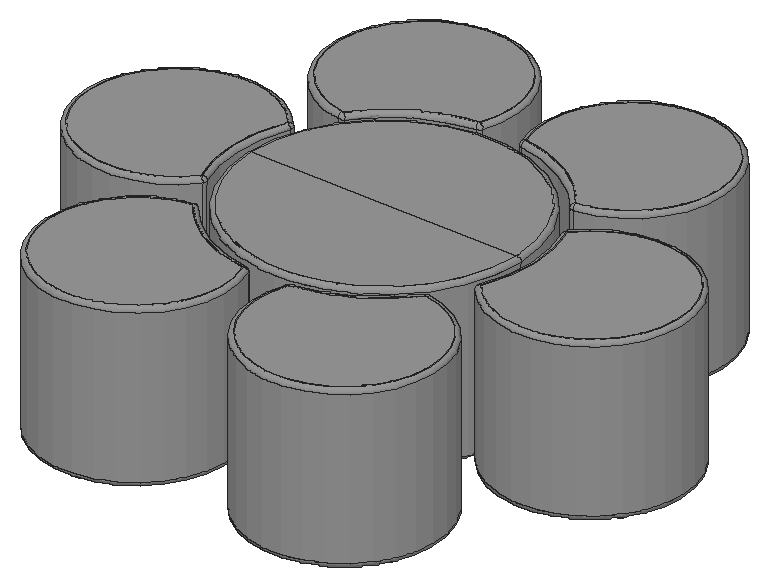
Revit family "Blossom - Glides", category Generic Models, Revit 2018
Family settings
  Can host rebar = No
  Round Connector Dimension = Use Diameter
  Part Type = Normal
  Work Plane-Based = No
  Always vertical = Yes
  Cut with Voids When Loaded = No
  Shared = No
  Room Calculation Point = No
Parameters
  Petal Fabric #3 = 30BSG Petal Fabric #3
  Petal Fabric #2 = 30BSG Petal Fabric #2
  Petal Fabric #1 = 30BSG Petal Fabric
  Lam Top/Soft Surface = 30BOG Center - Glides : 30BOG Center - Glides
  Center Fabric = 30BOG Fabric
Reference planes (in)
  plane 1 "Center (Front/Back)": y = 0
  plane 2: z = 0
  plane 3 "Center (Left/Right)": x = 0
Dimensions and locks (in)
  aligned and locked: plane 2 to level
Nested families (in)
  nested 1: "30BOG Center - Glides" at (0, 0, 0), type <- "Lam Top/Soft Surface", type "30BOG Center - Glides"
  nested 2: "30BSG Petal - Glides" at (-23, 0, 0), type "30BSG Petal - Glides 2"
  nested 3: "30BSG Petal - Glides" at (-11.5, 19.91858, 0) x (0.5, -0.866, 0) z (0, 0, 1), type "30BSG Petal - Glides 3"
  nested 4: "30BSG Petal - Glides" at (11.5, 19.91858, 0) x (-0.5, -0.866, 0) z (0, 0, 1), type "30BSG Petal - Glides"
  nested 5: "30BSG Petal - Glides" at (23, 0, 0) x (-1, 0, 0) z (0, 0, 1), type "30BSG Petal - Glides 2"
  nested 6: "30BSG Petal - Glides" at (11.5, -19.91858, 0) x (-0.5, 0.866, 0) z (0, 0, 1), type "30BSG Petal - Glides 3"
  nested 7: "30BSG Petal - Glides" at (-11.5, -19.91858, 0) x (0.5, 0.866, 0) z (0, 0, 1), type "30BSG Petal - Glides"
Definition of nested family "30BOG Center - Glides"
  Parameters (values of type "30BOG Center - Glides")
    Fabric = none
  Reference planes (in)
    plane 1 "Center (Front/Back)": y = 0
    plane 2: z = 0
    plane 3 "Center (Left/Right)": x = 0
  Forms (in)
    Revolve 1, solid, material <- "Fabric"
      sketch origin (0, 0, 0) x (1, 0, 0) y (0, 0, 1)
        loop
          line (0, 18) -> (0, 0.375) -> (14.75, 0.375)
          arc (14.75, 0.375) -> (14.92678, 0.44822) -> (15, 0.625) r 0.25
          line (15, 0.625) -> (15, 17.5)
          arc (15, 17.5) -> (14.85355, 17.85355) -> (14.5, 18) r 0.5
          line (14.5, 18) -> (0, 18)
        axis (0, 18) -> (0, 0.375)
      angle from 0 to 360
    Revolve 2, solid
      sketch origin (0, 0, 0) x (1, 0, 0) y (0, 0, 1)
        loop
          line (11, 0.375) -> (11, 0) -> (11.25001, 0)
          arc (11.25001, 0) -> (11.42678, 0.07322) -> (11.5, 0.24999) r 0.24999
          line (11.5, 0.24999) -> (11.5, 0.375) -> (11, 0.375)
        axis (11, 0.375) -> (11, 0)
      angle from 0 to 360
    Revolve 3, solid
      sketch origin (0, 0, 0) x (-1, 0, 0) y (0, 0, 1)
        loop
          line (11, 0.375) -> (11, 0) -> (11.25001, 0)
          arc (11.25001, 0) -> (11.42678, 0.07322) -> (11.5, 0.24999) r 0.24999
          line (11.5, 0.24999) -> (11.5, 0.375) -> (11, 0.375)
        axis (11, 0.375) -> (11, 0)
      angle from 0 to 360
    Revolve 4, solid
      sketch origin (0, 0, 0) x (0, 1, 0) y (0, 0, 1)
        loop
          line (11, 0.375) -> (11, 0) -> (11.25001, 0)
          arc (11.25001, 0) -> (11.42678, 0.07322) -> (11.5, 0.24999) r 0.24999
          line (11.5, 0.24999) -> (11.5, 0.375) -> (11, 0.375)
        axis (11, 0.375) -> (11, 0)
      angle from 0 to 360
    Revolve 5, solid
      sketch origin (0, 0, 0) x (0, -1, 0) y (0, 0, -1)
        loop
          line (11, -0.375) -> (11.5, -0.375) -> (11.5, -0.24999)
          arc (11.5, -0.24999) -> (11.42678, -0.07322) -> (11.25001, 0) r 0.24999
          line (11.25001, 0) -> (11, 0) -> (11, -0.375)
        axis (11, -0.375) -> (11, 0)
      angle from 0 to 360
  Dimensions and locks (in)
    aligned and locked: plane 2 to level
Definition of nested family "30BSG Petal - Glides"
  Parameters (values of type "30BSG Petal - Glides")
    Fabric = none
  Reference planes (in)
    plane 1 "Center (Front/Back)": y = 0
    plane 2: z = 0
    plane 3 "Center (Left/Right)": x = 0
  Forms (in)
    Extrusion 1, solid, material <- "Fabric"
      sketch origin (0, 0.02336, 0) x (1, 0, 0) y (0, 1, 0)
        loop
          arc (7.67523, 5.90251) -> (-9.25183, -0.02336) -> (7.67523, -5.94924) r 9.5008
          arc (7.67523, -5.94924) -> (6.49651, -0.02336) -> (7.67523, 5.90251) r 15.48521
      from 0.375 to 18
    Sweep 2, solid, material <- "Fabric"
      path origin (0, 0.02336, 0) x (1, 0, 0) y (0, 1, 0)
        loop
          arc (7.65869, -5.90915) -> (6.49651, -0.02336) -> (7.65869, 5.86242) r 15.48521
          arc (7.65869, 5.86242) -> (7.66128, 5.89927) -> (7.64971, 5.93435) r 0.09553
          arc (7.64971, 5.93435) -> (-9.25183, -0.02336) -> (7.64971, -5.98108) r 9.5008
          arc (7.64971, -5.98108) -> (7.66128, -5.946) -> (7.65869, -5.90915) r 0.09553
      profile origin (6.49651, 0, 0) x (-1, 0, 0) y (0, 0, 1)
        loop
          arc (0, 18.00122) -> (-0.35441, 17.85441) -> (-0.50122, 17.5) r 0.50122
          line (-0.50122, 17.5) -> (-0.50122, 0.875)
          arc (-0.50122, 0.875) -> (-0.35441, 0.52059) -> (0, 0.37378) r 0.50122
          line (0, 0.37378) -> (0, 18.00122)
    Revolve 3, solid
      sketch origin (0, -5.99367, 0) x (1, 0, 0) y (0, 0, 1)
        loop
          line (6.62483, 0.37378) -> (6.62483, 0) -> (6.87483, 0)
          arc (6.87483, 0) -> (7.05161, 0.07322) -> (7.12483, 0.25) r 0.25
          line (7.12483, 0.25) -> (7.12483, 0.37378) -> (6.62483, 0.37378)
        axis (6.62483, 0) -> (6.62483, 0.37378)
      angle from 0 to 360
    Revolve 4, solid
      sketch origin (0, 5.99367, 0) x (1, 0, 0) y (0, 0, -1)
        loop
          line (6.62483, -0.37378) -> (7.12483, -0.37378) -> (7.12483, -0.25)
          arc (7.12483, -0.25) -> (7.05161, -0.07322) -> (6.87483, 0) r 0.25
          line (6.87483, 0) -> (6.62483, 0) -> (6.62483, -0.37378)
        axis (6.62483, 0) -> (6.62483, -0.37378)
      angle from 0 to 360
    Revolve 5, solid
      sketch origin (-13.55553, 5, 0) x (1, 0, 0) y (0, 0, -1)
        loop
          line (6.62483, -0.37378) -> (7.12483, -0.37378) -> (7.12483, -0.25)
          arc (7.12483, -0.25) -> (7.05161, -0.07322) -> (6.87483, 0) r 0.25
          line (6.87483, 0) -> (6.62483, 0) -> (6.62483, -0.37378)
        axis (6.62483, 0) -> (6.62483, -0.37378)
      angle from 0 to 360
    Revolve 6, solid
      sketch origin (-13.55553, -5, 0) x (1, 0, 0) y (0, 0, -1)
        loop
          line (6.62483, -0.37378) -> (7.12483, -0.37378) -> (7.12483, -0.25)
          arc (7.12483, -0.25) -> (7.05161, -0.07322) -> (6.87483, 0) r 0.25
          line (6.87483, 0) -> (6.62483, 0) -> (6.62483, -0.37378)
        axis (6.62483, 0) -> (6.62483, -0.37378)
      angle from 0 to 360
  Dimensions and locks (in)
    aligned and locked: plane 2 to level
